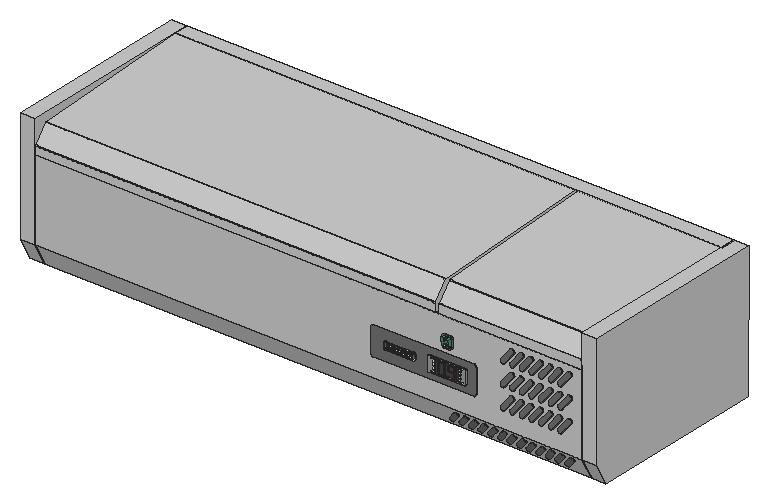
Revit family "QF_BLIZZARD_TOP1200EN", category Specialty Equipment, Revit 2016
Family settings
  Part Type = Normal
  Round Connector Dimension = Use Diameter
  OmniClass Number = 23.40.40.14
  OmniClass Title = Food Service Equipment
  Work Plane-Based = No
  Always vertical = Yes
  Cut with Voids When Loaded = No
  Shared = No
  Room Calculation Point = No
Parameters (values of type "TOP1200EN")
  URL = "www.blizzardequipment.com"
  Show Logo [instance] = yes
  Show Clearance [instance] = yes
  Model = "TOP1200EN"
  Manufacturer = "BLIZZARD"
  Description = "1/3 GASTRONORM PREP TOP WITH HINGED LID 1200MM"
  Assembly Code = "E1090320"
Reference planes
  plane 1 "Back": y = 0
  plane 2: z = 0
  plane 3 "Left": x = 0
  plane 4 "Right": x = 1200
  plane 5 "Front": y = -395
  plane 6 "Top": z = 281
Forms (mm)
  Extrusion 1, solid
    sketch origin (0, -4, -8) x (0, 1, 0) y (0, 0, 1)
      loop
        line (-391, 53) -> (-366, 8) -> (2.955, 8)
        arc (2.955, 8) -> (3.694, 8.306) -> (4, 9.045) r 1.045
        line (4, 9.045) -> (4, 289) -> (-391, 289) -> (-391, 53)
    from 0 to 30
  Extrusion 2, solid
    sketch origin (1170, -4, -8) x (0, 1, 0) y (0, 0, 1)
      loop
        line (-391, 53) -> (-366, 8) -> (2.955, 8)
        arc (2.955, 8) -> (3.694, 8.306) -> (4, 9.045) r 1.045
        line (4, 9.045) -> (4, 289) -> (-391, 289) -> (-391, 53)
    from 0 to 30
  Extrusion 3, solid
    sketch origin (-580, -4, -8) x (0, 1, 0) y (0, 0, 1)
      loop
        line (-391, 53) -> (-366, 8) -> (2.955, 8)
        arc (2.955, 8) -> (3.694, 8.306) -> (4, 9.045) r 1.045
        line (4, 9.045) -> (4, 289) -> (-26, 289) -> (-26, 38) -> (-348.348, 38) -> (-361, 60.774) -> (-361, 221.193) -> (-391, 221.193) -> (-391, 53)
    from 610 to 1750
  Extrusion 4, solid
    sketch origin (-10, -393.5, -8.948) x (1, 0, 0) y (0, 0, 1)
      loop
        line (1030, 207.338) -> (1011.08, 183.441)
        arc (1011.08, 183.441) -> (1011.896, 176.418) -> (1018.92, 177.234) r 5
        line (1018.92, 177.234) -> (1037.84, 201.13)
        arc (1037.84, 201.13) -> (1037.024, 208.154) -> (1030, 207.338) r 5
      loop
        line (1050, 207.338) -> (1031.08, 183.441)
        arc (1031.08, 183.441) -> (1031.896, 176.418) -> (1038.92, 177.234) r 5
        line (1038.92, 177.234) -> (1057.84, 201.13)
        arc (1057.84, 201.13) -> (1057.024, 208.154) -> (1050, 207.338) r 5
      loop
        line (1070, 207.338) -> (1051.08, 183.441)
        arc (1051.08, 183.441) -> (1051.896, 176.418) -> (1058.92, 177.234) r 5
        line (1058.92, 177.234) -> (1077.84, 201.13)
        arc (1077.84, 201.13) -> (1077.024, 208.154) -> (1070, 207.338) r 5
      loop
        line (1090, 207.338) -> (1071.08, 183.441)
        arc (1071.08, 183.441) -> (1071.896, 176.418) -> (1078.92, 177.234) r 5
        line (1078.92, 177.234) -> (1097.84, 201.13)
        arc (1097.84, 201.13) -> (1097.024, 208.154) -> (1090, 207.338) r 5
      loop
        line (1110, 207.338) -> (1091.08, 183.441)
        arc (1091.08, 183.441) -> (1091.896, 176.418) -> (1098.92, 177.234) r 5
        line (1098.92, 177.234) -> (1117.84, 201.13)
        arc (1117.84, 201.13) -> (1117.024, 208.154) -> (1110, 207.338) r 5
      loop
        line (1130, 207.338) -> (1111.08, 183.441)
        arc (1111.08, 183.441) -> (1111.896, 176.418) -> (1118.92, 177.234) r 5
        line (1118.92, 177.234) -> (1137.84, 201.13)
        arc (1137.84, 201.13) -> (1137.024, 208.154) -> (1130, 207.338) r 5
      loop
        line (1150, 207.338) -> (1131.08, 183.441)
        arc (1131.08, 183.441) -> (1131.896, 176.418) -> (1138.92, 177.234) r 5
        line (1138.92, 177.234) -> (1157.84, 201.13)
        arc (1157.84, 201.13) -> (1157.024, 208.154) -> (1150, 207.338) r 5
      loop
        line (1030, 163.441) -> (1011.08, 139.545)
        arc (1011.08, 139.545) -> (1011.896, 132.521) -> (1018.92, 133.338) r 5
        line (1018.92, 133.338) -> (1037.84, 157.234)
        arc (1037.84, 157.234) -> (1037.024, 164.258) -> (1030, 163.441) r 5
      loop
        line (1050, 163.441) -> (1031.08, 139.545)
        arc (1031.08, 139.545) -> (1031.896, 132.521) -> (1038.92, 133.338) r 5
        line (1038.92, 133.338) -> (1057.84, 157.234)
        arc (1057.84, 157.234) -> (1057.024, 164.258) -> (1050, 163.441) r 5
      loop
        line (1070, 163.441) -> (1051.08, 139.545)
        arc (1051.08, 139.545) -> (1051.896, 132.521) -> (1058.92, 133.338) r 5
        line (1058.92, 133.338) -> (1077.84, 157.234)
        arc (1077.84, 157.234) -> (1077.024, 164.258) -> (1070, 163.441) r 5
      loop
        line (1090, 163.441) -> (1071.08, 139.545)
        arc (1071.08, 139.545) -> (1071.896, 132.521) -> (1078.92, 133.338) r 5
        line (1078.92, 133.338) -> (1097.84, 157.234)
        arc (1097.84, 157.234) -> (1097.024, 164.258) -> (1090, 163.441) r 5
      loop
        line (1110, 163.441) -> (1091.08, 139.545)
        arc (1091.08, 139.545) -> (1091.896, 132.521) -> (1098.92, 133.338) r 5
        line (1098.92, 133.338) -> (1117.84, 157.234)
        arc (1117.84, 157.234) -> (1117.024, 164.258) -> (1110, 163.441) r 5
      loop
        line (1130, 163.441) -> (1111.08, 139.545)
        arc (1111.08, 139.545) -> (1111.896, 132.521) -> (1118.92, 133.338) r 5
        line (1118.92, 133.338) -> (1137.84, 157.234)
        arc (1137.84, 157.234) -> (1137.024, 164.258) -> (1130, 163.441) r 5
      loop
        line (1150, 163.441) -> (1131.08, 139.545)
        arc (1131.08, 139.545) -> (1131.896, 132.521) -> (1138.92, 133.338) r 5
        line (1138.92, 133.338) -> (1157.84, 157.234)
        arc (1157.84, 157.234) -> (1157.024, 164.258) -> (1150, 163.441) r 5
      loop
        line (1030, 119.663) -> (1011.08, 95.767)
        arc (1011.08, 95.767) -> (1011.896, 88.743) -> (1018.92, 89.559) r 5
        line (1018.92, 89.559) -> (1037.84, 113.456)
        arc (1037.84, 113.456) -> (1037.024, 120.479) -> (1030, 119.663) r 5
      loop
        line (1050, 119.663) -> (1031.08, 95.767)
        arc (1031.08, 95.767) -> (1031.896, 88.743) -> (1038.92, 89.559) r 5
        line (1038.92, 89.559) -> (1057.84, 113.456)
        arc (1057.84, 113.456) -> (1057.024, 120.479) -> (1050, 119.663) r 5
      loop
        line (1070, 119.663) -> (1051.08, 95.767)
        arc (1051.08, 95.767) -> (1051.896, 88.743) -> (1058.92, 89.559) r 5
        line (1058.92, 89.559) -> (1077.84, 113.456)
        arc (1077.84, 113.456) -> (1077.024, 120.479) -> (1070, 119.663) r 5
      loop
        line (1090, 119.663) -> (1071.08, 95.767)
        arc (1071.08, 95.767) -> (1071.896, 88.743) -> (1078.92, 89.559) r 5
        line (1078.92, 89.559) -> (1097.84, 113.456)
        arc (1097.84, 113.456) -> (1097.024, 120.479) -> (1090, 119.663) r 5
      loop
        line (1110, 119.663) -> (1091.08, 95.767)
        arc (1091.08, 95.767) -> (1091.896, 88.743) -> (1098.92, 89.559) r 5
        line (1098.92, 89.559) -> (1117.84, 113.456)
        arc (1117.84, 113.456) -> (1117.024, 120.479) -> (1110, 119.663) r 5
      loop
        line (1130, 119.663) -> (1111.08, 95.767)
        arc (1111.08, 95.767) -> (1111.896, 88.743) -> (1118.92, 89.559) r 5
        line (1118.92, 89.559) -> (1137.84, 113.456)
        arc (1137.84, 113.456) -> (1137.024, 120.479) -> (1130, 119.663) r 5
      loop
        line (1150, 119.663) -> (1131.08, 95.767)
        arc (1131.08, 95.767) -> (1131.896, 88.743) -> (1138.92, 89.559) r 5
        line (1138.92, 89.559) -> (1157.84, 113.456)
        arc (1157.84, 113.456) -> (1157.024, 120.479) -> (1150, 119.663) r 5
    from 0 to 2
  Extrusion 5, solid
    sketch origin (848, 205.936, 313.02) x (0, -0.34202, 0.939693) y (0, -0.939693, -0.34202)
      loop
        line (10.308, 247.326) -> (50.606, 232.659) -> (149.332, 555.577)
        arc (149.332, 555.577) -> (149.387, 556.194) -> (149.187, 556.781) r 1.501
        line (149.187, 556.781) -> (128.527, 591.598)
        arc (128.527, 591.598) -> (128.102, 592.105) -> (127.538, 592.449) r 2.032
        line (127.538, 592.449) -> (111.726, 598.838) -> (109.154, 591.772) -> (109.731, 567.639) -> (10.308, 247.326)
    from 24 to 322
  Extrusion 6, solid
    sketch origin (450.536, -393.5, -1719.361) x (1, 0, 0) y (0, 0, 1)
      loop
        arc (285, 1864.135) -> (281.464, 1862.671) -> (280, 1859.135) r 5
        line (280, 1859.135) -> (280, 1809.135)
        arc (280, 1809.135) -> (281.464, 1805.6) -> (285, 1804.135) r 5
        line (285, 1804.135) -> (494.464, 1804.135)
        arc (494.464, 1804.135) -> (498, 1805.6) -> (499.464, 1809.135) r 5
        line (499.464, 1809.135) -> (499.464, 1859.135)
        arc (499.464, 1859.135) -> (498, 1862.671) -> (494.464, 1864.135) r 5
        line (494.464, 1864.135) -> (285, 1864.135)
    from 0 to 2
  Extrusion 7, solid
    sketch origin (592.5, -393.5, -693.976) x (1, 0, 0) y (0, 0, 1)
      loop
        arc (260.5, 825) -> (258.379, 824.121) -> (257.5, 822) r 3
        line (257.5, 822) -> (257.5, 795.5)
        arc (257.5, 795.5) -> (258.379, 793.379) -> (260.5, 792.5) r 3
        line (260.5, 792.5) -> (334.5, 792.5)
        arc (334.5, 792.5) -> (336.621, 793.379) -> (337.5, 795.5) r 3
        line (337.5, 795.5) -> (337.5, 822)
        arc (337.5, 822) -> (336.621, 824.121) -> (334.5, 825) r 3
        line (334.5, 825) -> (260.5, 825)
    from 0 to 4
  Extrusion 8, solid
    sketch origin (592.5, -396.5, -683.976) x (1, 0, 0) y (0, 0, 1)
      loop
        arc (278, 812.5) -> (275.879, 811.621) -> (275, 809.5) r 3
        line (275, 809.5) -> (275, 788)
        arc (275, 788) -> (275.879, 785.879) -> (278, 785) r 3
        line (278, 785) -> (317, 785)
        arc (317, 785) -> (319.121, 785.879) -> (320, 788) r 3
        line (320, 788) -> (320, 809.5)
        arc (320, 809.5) -> (319.121, 811.621) -> (317, 812.5) r 3
        line (317, 812.5) -> (278, 812.5)
    from 0 to 2
  Extrusion 9, solid
    sketch origin (593.951, -397, -684.476) x (1, 0, 0) y (0, 0, 1)
      loop
        line (278.549, 800.5) -> (280.549, 800.5) -> (280.549, 809) -> (278.549, 809) -> (278.549, 800.5)
      loop
        line (278.549, 789) -> (280.549, 789) -> (280.549, 797) -> (278.549, 797) -> (278.549, 789)
      loop
        line (281.049, 811.5) -> (281.049, 809.5) -> (291.049, 809.5) -> (291.049, 811.5) -> (281.049, 811.5)
      loop
        line (293.549, 800.5) -> (293.549, 809) -> (291.549, 809) -> (291.549, 800.5) -> (293.549, 800.5)
      loop
        line (293.549, 789) -> (293.549, 797) -> (291.549, 797) -> (291.549, 789) -> (293.549, 789)
      loop
        line (281.049, 786.5) -> (291.049, 786.5) -> (291.049, 788.5) -> (281.049, 788.5) -> (281.049, 786.5)
      loop
        line (298.549, 800.5) -> (300.549, 800.5) -> (300.549, 809) -> (298.549, 809) -> (298.549, 800.5)
      loop
        line (301.049, 811.5) -> (301.049, 809.5) -> (311.049, 809.5) -> (311.049, 811.5) -> (301.049, 811.5)
      loop
        line (313.549, 800.5) -> (313.549, 809) -> (311.549, 809) -> (311.549, 800.5) -> (313.549, 800.5)
      loop
        line (313.549, 789) -> (313.549, 797) -> (311.549, 797) -> (311.549, 789) -> (313.549, 789)
      loop
        line (301.049, 798) -> (311.049, 798) -> (311.049, 800) -> (301.049, 800) -> (301.049, 798)
      loop
        line (301.049, 786.5) -> (311.049, 786.5) -> (311.049, 788.5) -> (301.049, 788.5) -> (301.049, 786.5)
      loop
        line (297.049, 786.5) -> (297.049, 788.5) -> (295.049, 788.5) -> (295.049, 786.5) -> (297.049, 786.5)
    from 0 to 2
  Extrusion 10, solid
    sketch origin (565.5, -396, -1688.976) x (1, 0, 0) y (0, 0, 1)
      loop
        arc (300, 1815) -> (299.121, 1817.121) -> (297, 1818) r 3
        line (297, 1818) -> (292, 1818) -> (292, 1816) -> (297, 1816)
        arc (297, 1816) -> (297.707, 1815.707) -> (298, 1815) r 1
        line (298, 1815) -> (298, 1811.5) -> (295, 1811.5) -> (295, 1809.5) -> (298, 1809.5) -> (298, 1805) -> (295, 1805) -> (295, 1803) -> (298, 1803) -> (298, 1798.5) -> (295, 1798.5) -> (295, 1796.5) -> (298, 1796.5) -> (298, 1793)
        arc (298, 1793) -> (297.707, 1792.293) -> (297, 1792) r 1
        line (297, 1792) -> (292, 1792) -> (292, 1790) -> (297, 1790)
        arc (297, 1790) -> (299.121, 1790.879) -> (300, 1793) r 3
        line (300, 1793) -> (300, 1815)
      loop
        line (349, 1815) -> (349, 1793)
        arc (349, 1793) -> (349.879, 1790.879) -> (352, 1790) r 3
        line (352, 1790) -> (357, 1790) -> (357, 1792) -> (352, 1792)
        arc (352, 1792) -> (351.293, 1792.293) -> (351, 1793) r 1
        line (351, 1793) -> (351, 1796.5) -> (354, 1796.5) -> (354, 1798.5) -> (351, 1798.5) -> (351, 1803) -> (354, 1803) -> (354, 1805) -> (351, 1805) -> (351, 1809.5) -> (354, 1809.5) -> (354, 1811.5) -> (351, 1811.5) -> (351, 1815)
        arc (351, 1815) -> (351.293, 1815.707) -> (352, 1816) r 1
        line (352, 1816) -> (357, 1816) -> (357, 1818) -> (352, 1818)
        arc (352, 1818) -> (349.879, 1817.121) -> (349, 1815) r 3
    from 0 to 2
  Extrusion 11, solid
    sketch origin (6, 205.936, 313.02) x (0, -0.34202, 0.939693) y (0, -0.939693, -0.34202)
      loop
        line (10.308, 247.326) -> (50.606, 232.659) -> (149.332, 555.577)
        arc (149.332, 555.577) -> (149.387, 556.194) -> (149.187, 556.781) r 1.501
        line (149.187, 556.781) -> (128.527, 591.598)
        arc (128.527, 591.598) -> (128.102, 592.105) -> (127.538, 592.449) r 2.032
        line (127.538, 592.449) -> (111.726, 598.838) -> (109.154, 591.772) -> (109.731, 567.639) -> (10.308, 247.326)
    from 24 to 859
  Extrusion 12, solid
    sketch origin (-10, -288.186, -144.176) x (1, 0, 0) y (0, -0.485643, 0.874157)
      loop
        line (1030, 207.338) -> (1011.08, 183.441)
        arc (1011.08, 183.441) -> (1011.896, 176.418) -> (1018.92, 177.234) r 5
        line (1018.92, 177.234) -> (1037.84, 201.13)
        arc (1037.84, 201.13) -> (1037.024, 208.154) -> (1030, 207.338) r 5
      loop
        line (1050, 207.338) -> (1031.08, 183.441)
        arc (1031.08, 183.441) -> (1031.896, 176.418) -> (1038.92, 177.234) r 5
        line (1038.92, 177.234) -> (1057.84, 201.13)
        arc (1057.84, 201.13) -> (1057.024, 208.154) -> (1050, 207.338) r 5
      loop
        line (1070, 207.338) -> (1051.08, 183.441)
        arc (1051.08, 183.441) -> (1051.896, 176.418) -> (1058.92, 177.234) r 5
        line (1058.92, 177.234) -> (1077.84, 201.13)
        arc (1077.84, 201.13) -> (1077.024, 208.154) -> (1070, 207.338) r 5
      loop
        line (1090, 207.338) -> (1071.08, 183.441)
        arc (1071.08, 183.441) -> (1071.896, 176.418) -> (1078.92, 177.234) r 5
        line (1078.92, 177.234) -> (1097.84, 201.13)
        arc (1097.84, 201.13) -> (1097.024, 208.154) -> (1090, 207.338) r 5
      loop
        line (1110, 207.338) -> (1091.08, 183.441)
        arc (1091.08, 183.441) -> (1091.896, 176.418) -> (1098.92, 177.234) r 5
        line (1098.92, 177.234) -> (1117.84, 201.13)
        arc (1117.84, 201.13) -> (1117.024, 208.154) -> (1110, 207.338) r 5
      loop
        line (1130, 207.338) -> (1111.08, 183.441)
        arc (1111.08, 183.441) -> (1111.896, 176.418) -> (1118.92, 177.234) r 5
        line (1118.92, 177.234) -> (1137.84, 201.13)
        arc (1137.84, 201.13) -> (1137.024, 208.154) -> (1130, 207.338) r 5
      loop
        line (1150, 207.338) -> (1131.08, 183.441)
        arc (1131.08, 183.441) -> (1131.896, 176.418) -> (1138.92, 177.234) r 5
        line (1138.92, 177.234) -> (1157.84, 201.13)
        arc (1157.84, 201.13) -> (1157.024, 208.154) -> (1150, 207.338) r 5
      loop
        line (910, 207.338) -> (891.08, 183.441)
        arc (891.08, 183.441) -> (891.896, 176.418) -> (898.92, 177.234) r 5
        line (898.92, 177.234) -> (917.84, 201.13)
        arc (917.84, 201.13) -> (917.024, 208.154) -> (910, 207.338) r 5
      loop
        line (930, 207.338) -> (911.08, 183.441)
        arc (911.08, 183.441) -> (911.896, 176.418) -> (918.92, 177.234) r 5
        line (918.92, 177.234) -> (937.84, 201.13)
        arc (937.84, 201.13) -> (937.024, 208.154) -> (930, 207.338) r 5
      loop
        line (950, 207.338) -> (931.08, 183.441)
        arc (931.08, 183.441) -> (931.896, 176.418) -> (938.92, 177.234) r 5
        line (938.92, 177.234) -> (957.84, 201.13)
        arc (957.84, 201.13) -> (957.024, 208.154) -> (950, 207.338) r 5
      loop
        line (970, 207.338) -> (951.08, 183.441)
        arc (951.08, 183.441) -> (951.896, 176.418) -> (958.92, 177.234) r 5
        line (958.92, 177.234) -> (977.84, 201.13)
        arc (977.84, 201.13) -> (977.024, 208.154) -> (970, 207.338) r 5
      loop
        line (990, 207.338) -> (971.08, 183.441)
        arc (971.08, 183.441) -> (971.896, 176.418) -> (978.92, 177.234) r 5
        line (978.92, 177.234) -> (997.84, 201.13)
        arc (997.84, 201.13) -> (997.024, 208.154) -> (990, 207.338) r 5
      loop
        line (1010, 207.338) -> (991.08, 183.441)
        arc (991.08, 183.441) -> (991.896, 176.418) -> (998.92, 177.234) r 5
        line (998.92, 177.234) -> (1017.84, 201.13)
        arc (1017.84, 201.13) -> (1017.024, 208.154) -> (1010, 207.338) r 5
    from 0 to 2
  Extrusion 13, solid
    sketch origin (882.5, -384.999, -637.226) x (1, 0, 0) y (0, 0, 1)
      loop
        arc (3, 815) -> (0.879, 814.121) -> (0, 812) r 3
        line (0, 812) -> (0, 798)
        arc (0, 798) -> (0.879, 795.879) -> (3, 795) r 3
        line (3, 795) -> (12, 795)
        arc (12, 795) -> (14.121, 795.879) -> (15, 798) r 3
        line (15, 798) -> (15, 812)
        arc (15, 812) -> (14.121, 814.121) -> (12, 815) r 3
        line (12, 815) -> (3, 815)
    from 9.001 to 20
  Extrusion 14, void
    sketch origin (880, 255.001, -637.226) x (0, 1, 0) y (0, 0, 1)
      loop
        line (-659.545, 817.359) -> (-661.721, 817.359) -> (-661.721, 793) -> (-653.921, 793) -> (-659.545, 817.359)
    from 0 to 20
  Extrusion 15, solid
    sketch origin (882.5, -393, -637.226) x (1, 0, 0) y (0, 0, 1)
      loop
        arc (3, 818) -> (-1.243, 816.243) -> (-3, 812) r 6
        line (-3, 812) -> (-3, 798)
        arc (-3, 798) -> (-1.243, 793.757) -> (3, 792) r 6
        line (3, 792) -> (12, 792)
        arc (12, 792) -> (16.243, 793.757) -> (18, 798) r 6
        line (18, 798) -> (18, 812)
        arc (18, 812) -> (16.243, 816.243) -> (12, 818) r 6
        line (12, 818) -> (3, 818)
    from 0 to 4
  Extrusion 16, solid
    sketch origin (520.219, -220.033, -612.402) x (1, 0, 0) y (0, -0.224951, 0.97437)
      loop
        line (368.781, 810.281) -> (368.781, 805.281) -> (370.781, 805.281) -> (370.781, 810.281) -> (368.781, 810.281)
    from 0 to 2
  Extrusion 17, solid
    sketch origin (520.219, -216.884, -626.044) x (1, 0, 0) y (0, -0.224951, 0.97437)
      loop
        circle (369.781, 809.781) r 2.5
      loop
        circle (369.781, 809.781) r 3.5
    from 0 to 2
  Extrusion 18, solid, visible <- "Show Logo"
    sketch origin (732.91, -393.7, -23.209) x (1, 0, 0) y (0, 0, 1)
      loop
        line (30.3, 133.137) -> (36.162, 133.137)
        arc (36.162, 133.137) -> (39.122, 134.994) -> (38.048, 138.319) r 2.844
        arc (38.048, 138.319) -> (38.838, 141.267) -> (36.338, 143.017) r 2.66
        line (36.338, 143.017) -> (31.338, 143.017) -> (30.3, 133.137)
      loop
        line (33.066, 135.126) -> (35.993, 135.126)
        arc (35.993, 135.126) -> (36.943, 136.076) -> (35.993, 137.026) r 0.95
        line (35.993, 137.026) -> (33.066, 137.026) -> (33.066, 135.126)
      loop
        line (33.528, 139.285) -> (36.147, 139.285)
        arc (36.147, 139.285) -> (36.994, 140.133) -> (36.147, 140.98) r 0.847
        line (36.147, 140.98) -> (33.528, 140.98) -> (33.528, 139.285)
      loop
        line (40.306, 133.137) -> (42.874, 133.137) -> (43.912, 143.017) -> (41.344, 143.017) -> (40.306, 133.137)
      loop
        line (45.174, 140.98) -> (47.749, 140.98) -> (47.964, 143.017) -> (45.389, 143.017) -> (45.174, 140.98)
      loop
        line (45.104, 140.313) -> (44.35, 133.137) -> (46.671, 133.137) -> (47.425, 140.313) -> (45.104, 140.313)
      loop
        line (48.314, 138.359) -> (51.196, 138.359) -> (47.765, 134.548) -> (47.765, 133.137) -> (54.184, 133.137) -> (54.393, 135.126) -> (51.213, 135.126) -> (54.657, 138.952) -> (54.657, 140.313) -> (48.519, 140.313) -> (48.314, 138.359)
      loop
        line (55.213, 138.359) -> (58.095, 138.359) -> (54.664, 134.548) -> (54.664, 133.137) -> (61.084, 133.137) -> (61.293, 135.126) -> (58.112, 135.126) -> (61.557, 138.952) -> (61.557, 140.313) -> (55.419, 140.313) -> (55.213, 138.359)
      loop
        arc (64.816, 137.983) -> (65.785, 138.952) -> (66.753, 137.983) r 0.969
        line (66.753, 137.983) -> (64.711, 137.436)
        arc (64.711, 137.436) -> (62.642, 134.297) -> (66.342, 133.633) r 2.251
        line (66.342, 133.633) -> (66.77, 132.921) -> (69.168, 132.921) -> (68.641, 134.052) -> (69.084, 138.274)
        arc (69.084, 138.274) -> (65.782, 140.567) -> (62.514, 138.225) r 3.488
        line (62.514, 138.225) -> (64.816, 137.983)
      loop
        line (69.848, 133.137) -> (72.232, 133.137) -> (72.59, 136.546)
        arc (72.59, 136.546) -> (73.413, 137.974) -> (75.025, 138.32) r 2.029
        line (75.025, 138.32) -> (75.83, 140.313)
        arc (75.83, 140.313) -> (74.279, 140.541) -> (72.927, 139.749) r 2.362
        line (72.927, 139.749) -> (72.927, 140.627) -> (70.635, 140.627) -> (69.848, 133.137)
      loop
        line (82.596, 133.137) -> (83.635, 143.017) -> (81.373, 143.017) -> (81.031, 139.764)
        arc (81.031, 139.764) -> (75.402, 137.124) -> (80.359, 133.372) r 3.631
        line (80.359, 133.372) -> (82.596, 133.137)
      loop
        spline (78.956, 134.82) -> (79.32, 134.851) -> (79.675, 135.016) -> (79.994, 135.304) -> (80.258, 135.695) -> (80.446, 136.164) -> (80.548, 136.677) -> (80.555, 137.2) -> (80.468, 137.697) -> (80.292, 138.134) -> (80.039, 138.483) -> (79.727, 138.718) -> (79.376, 138.823)
        spline (79.376, 138.823) -> (79.011, 138.793) -> (78.657, 138.628) -> (78.338, 138.34) -> (78.074, 137.948) -> (77.886, 137.48) -> (77.784, 136.967) -> (77.777, 136.444) -> (77.864, 135.947) -> (78.04, 135.509) -> (78.293, 135.161) -> (78.605, 134.926) -> (78.956, 134.82)
      loop
        line (66.385, 136.28) -> (64.729, 135.958)
        arc (64.729, 135.958) -> (64.361, 135.233) -> (65.042, 134.788) r 0.609
        arc (65.042, 134.788) -> (66.068, 135.215) -> (66.385, 136.28) r 1.295
      loop
        line (85.459, 146.184) -> (29.578, 146.184)
        arc (29.578, 146.184) -> (25.494, 144.492) -> (23.802, 140.407) r 5.777
        line (23.802, 140.407) -> (23.802, 135.662)
        arc (23.802, 135.662) -> (25.494, 131.578) -> (29.578, 129.886) r 5.777
        line (29.578, 129.886) -> (85.459, 129.886)
        arc (85.459, 129.886) -> (89.544, 131.578) -> (91.236, 135.662) r 5.777
        line (91.236, 135.662) -> (91.236, 140.407)
        arc (91.236, 140.407) -> (89.544, 144.492) -> (85.459, 146.184) r 5.777
      loop
        line (85.459, 145.184) -> (29.578, 145.184)
        arc (29.578, 145.184) -> (26.201, 143.785) -> (24.802, 140.407) r 4.777
        line (24.802, 140.407) -> (24.802, 135.662)
        arc (24.802, 135.662) -> (26.201, 132.285) -> (29.578, 130.886) r 4.777
        line (29.578, 130.886) -> (85.459, 130.886)
        arc (85.459, 130.886) -> (88.837, 132.285) -> (90.236, 135.662) r 4.777
        line (90.236, 135.662) -> (90.236, 140.407)
        arc (90.236, 140.407) -> (88.837, 143.785) -> (85.459, 145.184) r 4.777
    from 0 to 2
  Extrusion 19, solid, visible <- "Show Clearance", detail levels coarse
    sketch origin (0, 0, -3.144) x (0, 1, 0) y (0, 0, 1)
      loop
        line (-30, 284.144) -> (-30, 649.144)
        arc (-30, 649.144) -> (-294.85, 535.329) -> (-395, 265.016) r 365.761
        line (-395, 265.016) -> (-30, 284.144)
    from 30 to 865
  Extrusion 20, solid, visible <- "Show Clearance", detail levels coarse
    sketch origin (305, 0, -3.144) x (0, 1, 0) y (0, 0, 1)
      loop
        line (-30, 284.144) -> (-30, 649.144)
        arc (-30, 649.144) -> (-294.85, 535.329) -> (-395, 265.016) r 365.761
        line (-395, 265.016) -> (-30, 284.144)
    from 567 to 865
Cuts and joins
  Extrusion 14 cuts Extrusion 13
Lines and regions (mm)
  symbolic lines, style "200-EquipBorder-2D"
    curve 1: line (0, 0, 0) -> (1200, 0, 0)
    curve 2: line (0, -395, 0) -> (0, 0, 0)
    curve 3: line (1200, -395, 0) -> (0, -395, 0)
    curve 4: line (1200, 0, 0) -> (1200, -395, 0)
  symbolic lines, style "200-EquipInternal-2D"
    curve 5: line (30, -30, 0) -> (30, -395.461, 0)
    curve 6: line (1170, -30, 0) -> (30, -30, 0)
    curve 7: line (1170, -395.461, 0) -> (1170, -30, 0)
    curve 8: line (865, -395.461, 0) -> (865, -30, 0)
    curve 9: line (872, -30, 0) -> (872, -395.461, 0)
Dimensions and locks
  plane 3 "Left" to plane 4 "Right" = 1200 mm
  plane 5 "Front" to plane 1 "Back" = 395 mm
  plane 6 "Top" to level = 281 mm  (x2)
  plane 1 "Back" to plane 5 "Front" = 395 mm
  plane 4 "Right" to plane 3 "Left" = 1200 mm
  aligned and locked: level to plane 2
